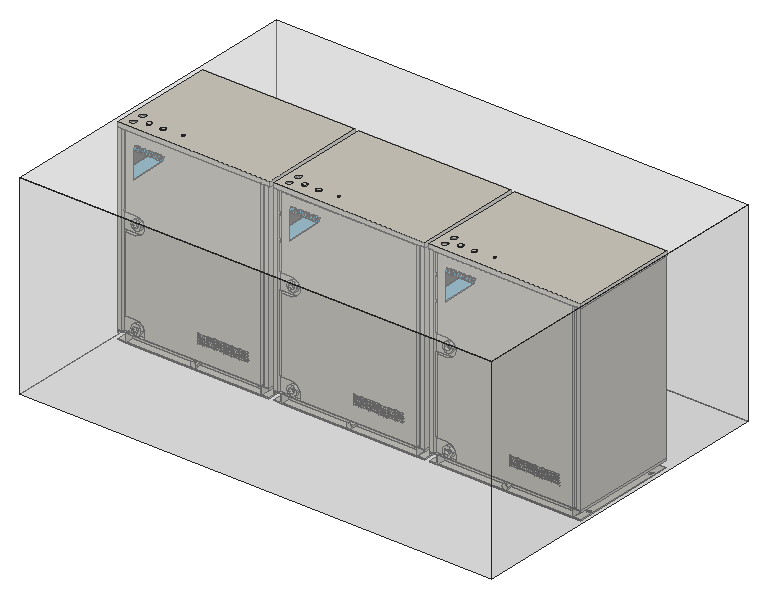
Revit family "outputfile", category 機械設備, Revit 2024
Family settings
  丸型コネクタ寸法 = 半径を使用
  種別 = なし
  パーツ タイプ = 標準
  OmniClass 番号 = 23.75.10.24.21.27.27
  OmniClass タイトル = Split System Air Conditioning Units
  作業面ベース = いいえ
  常に垂直 = はい
  ロード時にボイドで切り取り = いいえ
  注釈の向きを維持 = いいえ
  共有 = いいえ
  部屋計算ポイント = いいえ
Parameters (values of type "RWEYQ32TY14")
  製造元 = "Daikin"
  書き出し IFC クラス(タイプ) = "IfcUnitaryEquipmentType"
  定義済み IFC タイプ(タイプ) = "AIRCONDITIONINGUNIT"
  モデル = "RWEYQ32TY14"
  w_unit3 = 780.0 mm
  w_unit2 = 780.0 mm
  w_unit1 = 780.0 mm
  switch_unit3_6-8 [instance] = if(Reverse_ModuleSequence, if(default_unit1 = 1, 1 = 1, 1 = 0), if(default_unit3 = 1, 1 = 1, 1 = 0))  # no
  switch_unit3_12 [instance] = if(Reverse_ModuleSequence, if(default_unit1 = 3, 1 = 1, 1 = 0), if(default_unit3 = 3, 1 = 1, 1 = 0))  # no
  switch_unit3_10 [instance] = if(Reverse_ModuleSequence, if(default_unit1 = 2, 1 = 1, 1 = 0), if(default_unit3 = 2, 1 = 1, 1 = 0))  # yes
  switch_unit2_6-8 [instance] = if(default_unit2 = 1, 1 = 1, 1 = 0)  # no
  switch_unit2_12 [instance] = if(default_unit2 = 3, 1 = 1, 1 = 0)  # no
  switch_unit2_10 [instance] = if(default_unit2 = 2, 1 = 1, 1 = 0)  # yes
  switch_unit1_6-8 [instance] = if(Reverse_ModuleSequence, if(default_unit3 = 1, 1 = 1, 1 = 0), if(default_unit1 = 1, 1 = 1, 1 = 0))  # no
  switch_unit1_12 [instance] = if(Reverse_ModuleSequence, if(default_unit3 = 3, 1 = 1, 1 = 0), if(default_unit1 = 3, 1 = 1, 1 = 0))  # yes
  switch_unit1_10 [instance] = if(Reverse_ModuleSequence, if(default_unit3 = 2, 1 = 1, 1 = 0), if(default_unit1 = 2, 1 = 1, 1 = 0))  # no
  r_Water Outlet Pipe Connection_unit3 [instance] = Water Outlet Pipe Connection_Unit3 / 2  # 15.9 mm
  r_Water Outlet Pipe Connection_unit2 [instance] = Water Outlet Pipe Connection_Unit2 / 2  # 15.9 mm
  r_Water Outlet Pipe Connection_unit1 [instance] = Water Outlet Pipe Connection_Unit1 / 2  # 15.9 mm
  r_Water Inlet Pipe Connection_unit3 [instance] = Water Inlet Pipe Connection_Unit3 / 2  # 15.9 mm
  r_Water Inlet Pipe Connection_unit2 [instance] = Water Inlet Pipe Connection_Unit2 / 2  # 15.9 mm
  r_Water Inlet Pipe Connection_unit1 [instance] = Water Inlet Pipe Connection_Unit1 / 2  # 15.9 mm
  r_Drain Pipe Size = Drain Pipe Size / 2  # 6.35 mm
  lw_Water Outlet3 = 95.0 mm
  lw_Water Outlet2 = 95.0 mm
  lw_Water Outlet1 = 95.0 mm
  lw_Water Inlet3 = 95.0 mm
  lw_Water Inlet2 = 95.0 mm
  lw_Water Inlet1 = 95.0 mm
  lw_Drain3 = 390.0 mm
  lw_Drain2 = 390.0 mm
  lw_Drain1 = 390.0 mm
  default_Water Outlet Pipe Connection_Unit 3 = 31.8 mm
  default_Water Outlet Pipe Connection_Unit 2 = 31.8 mm
  default_Water Outlet Pipe Connection_Unit 1 = 31.8 mm
  default_Water Inlet Pipe Connection_Unit 3 = 31.8 mm
  default_Water Inlet Pipe Connection_Unit 2 = 31.8 mm
  default_Water Inlet Pipe Connection_Unit 1 = 31.8 mm
  angle_Drain [instance] = if(Rear Connection_Drain, 180.00°, 0.00°)  # 0.00°
  r_Liquid Pipe Size_unit3 [instance] = Liquid Pipe Size_Unit 3 / 2  # 4.75 mm
  r_Liquid Pipe Size_unit2 [instance] = Liquid Pipe Size_Unit 2 / 2  # 4.75 mm
  r_HP/LP Gas Pipe Size_unit3 [instance] = [HP/LP Gas Pipe Size_Unit 3] / 2  # 11.1 mm
  r_HP/LP Gas Pipe Size_unit2 [instance] = [HP/LP Gas Pipe Size_Unit 2] / 2  # 11.1 mm
  r_HP/LP Gas Pipe Size_unit1 [instance] = [HP/LP Gas Pipe Size_Unit 1] / 2  # 11.1 mm
  r_Gas Pipe Size_unit3 [instance] = Gas Pipe Size_Unit 3 / 2  # 11.1 mm
  r_Gas Pipe Size_unit2 [instance] = Gas Pipe Size_Unit 2 / 2  # 11.1 mm
  lw_powersupply3 = 51.0 mm
  lw_powersupply2 = 51.0 mm
  lw_liquidpipe3 = 274.0 mm
  lw_liquidpipe2 = 274.0 mm
  lw_gaspipe3 [instance] = if(Heat Pump, 107.0 mm, 178.0 mm)  # 107.0 mm
  lw_gaspipe2 [instance] = if(Heat Pump, 107.0 mm, 178.0 mm)  # 107.0 mm
  lw_HP/LP Gas Pipe3 [instance] = if(Heat Pump, 178.0 mm, 107.0 mm)  # 178.0 mm
  lw_HP/LP Gas Pipe2 [instance] = if(Heat Pump, 178.0 mm, 107.0 mm)  # 178.0 mm
  lw_HP/LP Gas Pipe1 [instance] = if(Heat Pump, 178.0 mm, 107.0 mm)  # 178.0 mm
  ld_HP/LP Gas Pipe = 69.0 mm
  h_mountinghole = [h_***] + 2.3 mm  # 2.3 mm
  r_Liquid Pipe Size_unit1 [instance] = Liquid Pipe Size_Unit 1 / 2  # 6.35 mm
  r_Gas Pipe Size_unit1 [instance] = Gas Pipe Size_Unit 1 / 2  # 11.1 mm
  distance_unit2-3 [instance] = 20.0 mm
  distance_unit1-2 [instance] = 20.0 mm
  default_unit3 = 2
  default_unit2 = 2
  default_unit1 = 3
  default_Model_Unit 3 = "RWEYQ10TY14"
  default_Model_Unit 2 = "RWEYQ10TY14"
  default_Model_Unit 1 = "RWEYQ12TY14"
  default_Liquid Pipe Size_Unit 3 = 9.5 mm
  default_Liquid Pipe Size_Unit 2 = 9.5 mm
  default_Liquid Pipe Size_Unit 1 = 12.7 mm
  default_HP/LP Gas Pipe Size_Unit 3 [instance] = if(and(Heat Pump, [switch_unit3_6-8]), 19.1 mm, if(and(Heat Pump, switch_unit3_10), 22.2 mm, if(and(Heat Pump, switch_unit3_12), 22.2 mm, if(and(Heat Recovery, [switch_unit3_6-8]), 15.9 mm, if(and(Heat Recovery, switch_unit3_10), 19.1 mm, if(and(Heat Recovery, switch_unit3_12), 19.1 mm, 19.1 mm))))))  # 22.2 mm
  default_HP/LP Gas Pipe Size_Unit 2 [instance] = if(and(Heat Pump, [switch_unit2_6-8]), 19.1 mm, if(and(Heat Pump, switch_unit2_10), 22.2 mm, if(and(Heat Pump, switch_unit2_12), 22.2 mm, if(and(Heat Recovery, [switch_unit2_6-8]), 15.9 mm, if(and(Heat Recovery, switch_unit2_10), 19.1 mm, if(and(Heat Recovery, switch_unit2_12), 19.1 mm, 19.1 mm))))))  # 22.2 mm
  default_HP/LP Gas Pipe Size_Unit 1 [instance] = if(and(Heat Pump, [switch_unit1_6-8]), 19.1 mm, if(and(Heat Pump, switch_unit1_10), 22.2 mm, if(and(Heat Pump, switch_unit1_12), 22.2 mm, if(and(Heat Recovery, [switch_unit1_6-8]), 15.9 mm, if(and(Heat Recovery, switch_unit1_10), 19.1 mm, if(and(Heat Recovery, switch_unit1_12), 19.1 mm, 19.1 mm))))))  # 22.2 mm
  default_Gas Pipe Size_Unit 3 = 22.2 mm
  default_Gas Pipe Size_Unit 2 = 22.2 mm
  default_Gas Pipe Size_Unit 1 = 22.2 mm
  Water Outlet Pipe Connection_Unit3 [instance] = if(Reverse_ModuleSequence, default_Water Outlet Pipe Connection_Unit 1, default_Water Outlet Pipe Connection_Unit 3)  # 31.8 mm
  Water Outlet Pipe Connection_Unit2 [instance] = if(Reverse_ModuleSequence, default_Water Inlet Pipe Connection_Unit 2, default_Water Inlet Pipe Connection_Unit 2)  # 31.8 mm
  Water Outlet Pipe Connection_Unit1 [instance] = if(Reverse_ModuleSequence, default_Water Outlet Pipe Connection_Unit 3, default_Water Outlet Pipe Connection_Unit 1)  # 31.8 mm
  Water Inlet Pipe Connection_Unit3 [instance] = if(Reverse_ModuleSequence, default_Water Inlet Pipe Connection_Unit 1, default_Water Inlet Pipe Connection_Unit 3)  # 31.8 mm
  Water Inlet Pipe Connection_Unit2 [instance] = if(Reverse_ModuleSequence, default_Water Outlet Pipe Connection_Unit 2, default_Water Outlet Pipe Connection_Unit 2)  # 31.8 mm
  Water Inlet Pipe Connection_Unit1 [instance] = if(Reverse_ModuleSequence, default_Water Inlet Pipe Connection_Unit 3, default_Water Inlet Pipe Connection_Unit 1)  # 31.8 mm
  Voltage_comment_50Hz = "380-415"
  Voltage_50Hz = 400 V
  Top Connection_powersupply2 [instance] = not(Top Connection_powersupply1)  # no
  Sound Power Level (dB) = 77
  Reverse_ModuleSequence [instance] = no
  Rear Connection_Drain [instance] = not(Front Connection_Drain)  # no
  Power Input (Heating) = 19.100 kW
  Phase_50Hz = 3
  Nominal Heating Capacity = 101.000 kW
  Model_Unit 3 [instance] = if(Reverse_ModuleSequence, default_Model_Unit 1, default_Model_Unit 3)  # "RWEYQ10TY14"
  Model_Unit 2 [instance] = if(Reverse_ModuleSequence, default_Model_Unit 2, default_Model_Unit 2)  # "RWEYQ10TY14"
  Model_Unit 1 [instance] = if(Reverse_ModuleSequence, default_Model_Unit 3, default_Model_Unit 1)  # "RWEYQ12TY14"
  Minimum Circuit Amps_50Hz = 40.9 A
  Maximum Fuse Amps_50Hz = 45.0 A
  Material_Heat Exchanger = DAIKIN_Blue_HE_outdoorunit
  Material_Casing = DAIKIN_IvoryWhite_Casing_outdoorunit
  lw_powersupply1 = 51.0 mm
  lw_liquidpipe1 = 274.0 mm
  lw_gaspipe1 [instance] = if(Heat Pump, 107.0 mm, 178.0 mm)  # 107.0 mm
  lh_powersupply = 940.0 mm
  ld_powersupply [instance] = if(Top Connection_powersupply1, 38.0 mm, 98.0 mm)  # 38.0 mm
  ld_liquidpipe = 79.0 mm
  ld_gaspipe = 69.0 mm
  h_*** = 0.0 mm
  Width [instance] = [distance_unit1-2] + [distance_unit2-3] + w_unit1 + w_unit2 + w_unit3  # 2380.0 mm
  Version = "ver.1.0"
  Unit Type = ""
  Unit Mass Weight = 441.00 kg
  Unit Designation [instance] = ""
  Uniclass2015Version = "Products v1.30"
  Uniclass2015Title = "Variable refrigerant flow units"
  Uniclass2015Code = "Pr_70_65_03_94"
  Total Cooling Capacity [instance] = 0.000 kW
  Sound Pressure Level (dBA) = 57
  Series = "VRV Heat Recovery"
  Refrigerant_Base Charge = 12.600 kg
  Refrigerant_Additional Charge [instance] = 0.000 kg
  Refrigerant Type = "R410A"
  Power Input (Cooling) = 18.200 kW
  Option Accessory 3 [instance] = ""
  Option Accessory 2 [instance] = ""
  Option Accessory 1 [instance] = ""
  Nominal Cooling Capacity = 89.500 kW
  Load Classification = HVAC
  Liquid Pipe Size_Unit 3 [instance] = if(Reverse_ModuleSequence, default_Liquid Pipe Size_Unit 1, default_Liquid Pipe Size_Unit 3)  # 9.5 mm
  Liquid Pipe Size_Unit 2 [instance] = if(Reverse_ModuleSequence, default_Liquid Pipe Size_Unit 2, default_Liquid Pipe Size_Unit 2)  # 9.5 mm
  Liquid Pipe Size_Unit 1 [instance] = if(Reverse_ModuleSequence, default_Liquid Pipe Size_Unit 3, default_Liquid Pipe Size_Unit 1)  # 12.7 mm
  Link_Nested Family [instance] = ""
  Intermediate Liquid Pipe Size_Unit1-2 = 15.9 mm
  Intermediate HP/LP Gas Pipe Size_Unit1-2 = 22.2 mm
  Intermediate Gas Pipe Size_Unit1-2 = 28.6 mm
  IfcVersion = ""
  IfcExportType = "AIRCONDITIONINGUNIT"
  IfcExportAs = "IfcUnitaryEquipmentType"
  Height = 1000.0 mm
  Heat Recovery [instance] = not(Heat Pump)  # no
  Heat Pump [instance] = yes
  Heat Exchanger Type = "Stainless Steel Plate"
  HP/LP Gas Pipe Size_Unit 3 [instance] = [default_HP/LP Gas Pipe Size_Unit 3]  # 22.2 mm
  HP/LP Gas Pipe Size_Unit 2 [instance] = [default_HP/LP Gas Pipe Size_Unit 2]  # 22.2 mm
  HP/LP Gas Pipe Size_Unit 1 [instance] = [default_HP/LP Gas Pipe Size_Unit 1]  # 22.2 mm
  Gas Pipe Size_Unit 3 [instance] = if(Reverse_ModuleSequence, default_Gas Pipe Size_Unit 1, default_Gas Pipe Size_Unit 3)  # 22.2 mm
  Gas Pipe Size_Unit 2 [instance] = if(Reverse_ModuleSequence, default_Gas Pipe Size_Unit 2, default_Gas Pipe Size_Unit 2)  # 22.2 mm
  Gas Pipe Size_Unit 1 [instance] = if(Reverse_ModuleSequence, default_Gas Pipe Size_Unit 3, default_Gas Pipe Size_Unit 1)  # 22.2 mm
  Top Connection_powersupply1 [instance] = yes
  Front Connection_Drain [instance] = yes
  Frequency_50Hz = 50 Hz
  Drain Pipe Size = 12.7 mm
  Depth = 550.0 mm
  既定の高さ = 0.0 mm
  Cooling Ambient Wet Bulb Temperature [instance] = 0.00 °C
  Cooling Ambient Dry Bulb Temperature [instance] = 0.00 °C
  Compressor Type = "Hermetically Sealed Scroll Type"
  Clearance visibility [instance] = yes
  Clearance Top = 0.0 mm
  Clearance Right = 20.0 mm
  Clearance Rear = 500.0 mm
  Clearance Left = 20.0 mm
  Clearance Front = 600.0 mm
  Clearance Bottom = 0.0 mm
  CU Tag No. [instance] = ""
Reference planes
  plane 1 "Center (Front/Back)": y = 0
  plane 2 "h_***": z = 0
  plane 3 "Center (Left/Right)": x = 0
  plane 4 "Back": y = 275
  plane 5 "Front": y = -275
  plane 6 "Left": x = -390
  plane 7 "w_unit1": x = 390
  plane 8 "Top": z = 1000
  plane 9 "Clearance Rear": y = 775
  plane 10 "Clearance Front": y = -875
  plane 11 "Clearance Left": x = -410
  plane 12 "Clearance Right": x = 2010
  plane 13 "Clearance Top": z = 1000
  plane 14 "Clearance Bottom": z = 0
  plane 15 "Bottom": z = 0
  plane 16 "lw_powersupply1": x = -339
  plane 17 "ld_powersupply": y = -237
  plane 18 "lw_liquidpipe1": x = -116
  plane 19 "Rear Connection_refrigetant": y = -196
  plane 20 "lw_gaspipe1": x = -283
  plane 21 "ld_gaspipe": y = -206
  plane 22 "lh_logo": z = 900
  plane 23 "lw_logo": x = 100
  plane 24 "lh_powersupply": z = 940
  plane 25 "lw_HP/LP Gas Pipe1": x = -212
  plane 26 "ld_HP/LP Gas Pipe": y = -206
  plane 27 "l_unit2": x = 410
  plane 28 "w_unit2": x = 1190
  plane 29 "lw_powersupply2": x = 461
  plane 30 "lw_liquidpipe2": x = 684
  plane 31 "lw_gaspipe2": x = 517
  plane 32 "lw_HP/LP Gas Pipe2": x = 588
  plane 33 "Right": x = 1990
  plane 34 "叴": x = 1210
  plane 35 "叵": x = 1261
  plane 36 "叶": x = 1484
  plane 37 "号": x = 1317
  plane 38 "司": x = 1388
  plane 39 "lw_Water Inlet2": x = 505
  plane 40 "lw_Water Inlet3": x = 1305
  plane 41 "lw_Water Outlet1": x = -295
  plane 42 "lw_Water Outlet2": x = 505
  plane 43 "lw_Water Outlet3": x = 1305
  plane 44 "lw_Drain1": x = 0
  plane 45 "lw_Drain2": x = 800
  plane 46 "lw_Drain3": x = 1600
  plane 47 "lw_Water Inlet1": x = -295
Dimensions and locks
  equal spacing: plane 4 "Back", plane 1 "Center (Front/Back)", plane 5 "Front"
  "Depth": plane 4 "Back" to plane 5 "Front"
  equal spacing: plane 6 "Left", plane 3 "Center (Left/Right)", plane 7 "w_unit1"
  "w_unit1": plane 6 "Left" to plane 7 "w_unit1"
  "Clearance Rear": plane 9 "Clearance Rear" to plane 4 "Back"
  "Clearance Front": plane 10 "Clearance Front" to plane 5 "Front"
  "Clearance Left": plane 11 "Clearance Left" to plane 6 "Left"
  "Clearance Top": plane 13 "Clearance Top" to plane 8 "Top"
  "h_***": plane 15 "Bottom" to plane 2 "h_***"
  "Height": plane 8 "Top" to plane 15 "Bottom"
  "Clearance Bottom": plane 15 "Bottom" to plane 14 "Clearance Bottom"
  "ld_powersupply": plane 17 "ld_powersupply" to plane 5 "Front"
  "ld_liquidpipe": plane 19 "Rear Connection_refrigetant" to plane 5 "Front"
  "ld_gaspipe": plane 21 "ld_gaspipe" to plane 5 "Front"
  locked: plane 23 "lw_logo" to plane 7 "w_unit1" at 290
  locked: plane 22 "lh_logo" to plane 15 "Bottom" at 900
  "lw_gaspipe1": plane 6 "Left" to plane 20 "lw_gaspipe1"
  "lw_liquidpipe1": plane 6 "Left" to plane 18 "lw_liquidpipe1"
  "lw_powersupply1": plane 6 "Left" to plane 16 "lw_powersupply1"
  "lh_powersupply": plane 24 "lh_powersupply" to plane 15 "Bottom"
  "lw_HP/LP Gas Pipe1": plane 6 "Left" to plane 25 "lw_HP/LP Gas Pipe1"
  "ld_HP/LP Gas Pipe": plane 26 "ld_HP/LP Gas Pipe" to plane 5 "Front"
  "distance_unit1-2": plane 7 "w_unit1" to plane 27 "l_unit2"
  "lw_powersupply2": plane 27 "l_unit2" to plane 29 "lw_powersupply2"
  "lw_HP/LP Gas Pipe2": plane 27 "l_unit2" to plane 32 "lw_HP/LP Gas Pipe2"
  "lw_gaspipe2": plane 27 "l_unit2" to plane 31 "lw_gaspipe2"
  "lw_liquidpipe2": plane 27 "l_unit2" to plane 30 "lw_liquidpipe2"
  "w_unit2": plane 27 "l_unit2" to plane 28 "w_unit2"
  "distance_unit2-3": plane 28 "w_unit2" to plane 34 "叴"
  "Width": plane 6 "Left" to plane 33 "Right"
  "Clearance Right": plane 33 "Right" to plane 12 "Clearance Right"
  "lw_powersupply3": plane 34 "叴" to plane 35 "叵"
  "lw_HP/LP Gas Pipe3": plane 34 "叴" to plane 38 "司"
  "lw_gaspipe3": plane 34 "叴" to plane 37 "号"
  "lw_liquidpipe3": plane 34 "叴" to plane 36 "叶"
  "lw_Water Inlet1": plane 6 "Left" to plane 47 "lw_Water Inlet1"
  "lw_Water Inlet2": plane 27 "l_unit2" to plane 39 "lw_Water Inlet2"
  "lw_Water Inlet3": plane 34 "叴" to plane 40 "lw_Water Inlet3"
  "lw_Water Outlet1": plane 6 "Left" to plane 41 "lw_Water Outlet1"
  "lw_Water Outlet2": plane 27 "l_unit2" to plane 42 "lw_Water Outlet2"
  "lw_Water Outlet3": plane 34 "叴" to plane 43 "lw_Water Outlet3"
  "lw_Drain1": plane 6 "Left" to plane 44 "lw_Drain1"
  "lw_Drain2": plane 27 "l_unit2" to plane 45 "lw_Drain2"
  "lw_Drain3": plane 34 "叴" to plane 46 "lw_Drain3"
  aligned and locked: level to plane 2 "h_***"
  aligned and locked: nested 2 to plane 9 "Clearance Rear"
  aligned and locked: nested 2 to plane 10 "Clearance Front"
  aligned and locked: plane 11 "Clearance Left" to nested 2
  aligned and locked: plane 12 "Clearance Right" to nested 2
  aligned and locked: nested 2 to plane 13 "Clearance Top"
  aligned and locked: nested 2 to plane 14 "Clearance Bottom"
  aligned and locked: plane 8 "Top" to nested 1
  aligned and locked: plane 22 "lh_logo" to nested 7
  aligned and locked: nested 8 to plane 16 "lw_powersupply1"
  aligned and locked: nested 9 to plane 20 "lw_gaspipe1"
  aligned and locked: nested 10 to plane 18 "lw_liquidpipe1"
  aligned and locked: nested 10 to plane 19 "Rear Connection_refrigetant"
  aligned and locked: nested 9 to plane 21 "ld_gaspipe"
  aligned and locked: nested 8 to plane 17 "ld_powersupply"
  aligned and locked: plane 5 "Front" to nested 7
  aligned and locked: plane 24 "lh_powersupply" to nested 8
  aligned and locked: plane 27 "l_unit2" to nested 11
  aligned and locked: nested 17 to plane 29 "lw_powersupply2"
  aligned and locked: nested 17 to plane 17 "ld_powersupply"
  aligned and locked: nested 18 to plane 31 "lw_gaspipe2"
  aligned and locked: nested 18 to plane 26 "ld_HP/LP Gas Pipe"
  aligned and locked: plane 1 "Center (Front/Back)" to nested 20
  aligned and locked: plane 34 "叴" to nested 20
  aligned and locked: nested 27 to plane 35 "叵"
  aligned and locked: nested 28 to plane 37 "号"
  aligned and locked: nested 26 to plane 36 "叶"
  aligned and locked: plane 17 "ld_powersupply" to nested 27
  aligned and locked: plane 21 "ld_gaspipe" to nested 28
  aligned and locked: plane 19 "Rear Connection_refrigetant" to nested 26
  aligned and locked: nested 27 to plane 24 "lh_powersupply"
  aligned and locked: plane 1 "Center (Front/Back)" to nested 29
  aligned and locked: plane 1 "Center (Front/Back)" to nested 30
  aligned and locked: plane 1 "Center (Front/Back)" to nested 31
  aligned and locked: plane 1 "Center (Front/Back)" to nested 32
  aligned and locked: plane 1 "Center (Front/Back)" to nested 33
  aligned and locked: plane 1 "Center (Front/Back)" to nested 34
  aligned and locked: plane 1 "Center (Front/Back)" to nested 35
  aligned and locked: plane 1 "Center (Front/Back)" to nested 36
  aligned and locked: plane 1 "Center (Front/Back)" to nested 37
  aligned and locked: plane 47 "lw_Water Inlet1" to nested 29
  aligned and locked: plane 39 "lw_Water Inlet2" to nested 30
  aligned and locked: plane 40 "lw_Water Inlet3" to nested 31
  aligned and locked: plane 41 "lw_Water Outlet1" to nested 32
  aligned and locked: plane 42 "lw_Water Outlet2" to nested 33
  aligned and locked: plane 43 "lw_Water Outlet3" to nested 34
  aligned and locked: plane 44 "lw_Drain1" to nested 35
  aligned and locked: plane 45 "lw_Drain2" to nested 36
  aligned and locked: plane 46 "lw_Drain3" to nested 37
  aligned and locked: plane 25 "lw_HP/LP Gas Pipe1" to nested 38
  aligned and locked: plane 32 "lw_HP/LP Gas Pipe2" to nested 39
  aligned and locked: plane 38 "司" to nested 40
  aligned and locked: nested 38 to plane 26 "ld_HP/LP Gas Pipe"
  aligned and locked: nested 39 to plane 26 "ld_HP/LP Gas Pipe"
  aligned and locked: plane 26 "ld_HP/LP Gas Pipe" to nested 40
Nested families
  nested 1: "DAIKIN_outdoorunit_RWEYQ-TY14" at (-31, 0, 0), h_*** <- "h_***", Link_Nest <- "Link_Nested Family", h_mountinghole <- "h_mountinghole", Width <- "w_unit1", switch_unit1_6-8 <- "switch_unit1_6-8", switch_unit1_10 <- "switch_unit1_10", switch_unit1_12 <- "switch_unit1_12", type "RWEYQ-TY14"
    with switch_unit1_6-8 no, switch_unit1_12 yes, switch_unit1_10 no, show_fixedhole yes, h_mountinghole 2.3 mm, h_antenna_mountinghole 998.7 mm, h_*** 0.0 mm, array_bolt 5, Width 780.0 mm, Liquid Pipe Size_Unit 1 12.7 mm, Link_Nest "", HP/LP Pipe Size_Unit 1 22.2 mm, Gas Pipe Size_Unit 1 22.2 mm
  nested 2: "daikin_clearancespace" at (800, -50, 500.119), visible <- "Clearance visibility", show <- "Clearance visibility", Link_Nested Family <- "Link_Nested Family", type "daikin_clearancespace"
    with width 2420.0 mm, show yes, height 1000.0 mm, depth 1650.0 mm, Link_Nested Family ""
  nested 3: "daikin_mountinghole" at (-372, 200, 0), type "daikin_mountinghole"
    with show yes, l_antenna 998.7 mm, h_mountinghole 2.3 mm, Link_Nested Family ""
  nested 4: "daikin_mountinghole" at (372, 200, 0), type "daikin_mountinghole"
    with show yes, l_antenna 998.7 mm, h_mountinghole 2.3 mm, Link_Nested Family ""
  nested 5: "daikin_mountinghole" at (-372, -200, 0), type "daikin_mountinghole"
    with show yes, l_antenna 998.7 mm, h_mountinghole 2.3 mm, Link_Nested Family ""
  nested 6: "daikin_mountinghole" at (372, -200, 0), type "daikin_mountinghole"
    with show yes, l_antenna 998.7 mm, h_mountinghole 2.3 mm, Link_Nested Family ""
  nested 7: "daikin_logo_elevation_w150" at (-212.5, -275, 744.568), type "daikin_logo_elevation_w150"
    with show_logo yes
  nested 8: "daikin_connector_rotate3" at (-339, -237, 940) x (-1, 0, 0) z (0, 0, -1), type "daikin_connector_rotate3"
    with show no, radius 10.0 mm, length 60.0 mm, angle_vertical 0.00°, angle_horizontal 0.00°
  nested 9: "daikin_connector_rotate3" at (-283, -206, 940) x (-1, 0, 0) z (0, 0, -1), radius <- "r_Gas Pipe Size_unit1", type "daikin_connector_rotate3"
    with show no, radius 11.1 mm, length 60.0 mm, angle_vertical 0.00°, angle_horizontal 0.00°
  nested 10: "daikin_connector_rotate3" at (-116, -196, 940) x (-1, 0, 0) z (0, 0, -1), radius <- "r_Liquid Pipe Size_unit1", type "daikin_connector_rotate3"
    with show no, radius 6.35 mm, length 60.0 mm, angle_vertical 0.00°, angle_horizontal 0.00°
  nested 11: "DAIKIN_outdoorunit_RWEYQ-TY14" at (769, 0, 0), Width <- "w_unit2", switch_unit1_6-8 <- "switch_unit2_6-8", switch_unit1_10 <- "switch_unit2_10", switch_unit1_12 <- "switch_unit2_12", type "RWEYQ-TY14"
    with switch_unit1_6-8 no, switch_unit1_12 no, switch_unit1_10 yes, show_fixedhole yes, h_mountinghole 2.3 mm, h_antenna_mountinghole 998.7 mm, h_*** 0.0 mm, array_bolt 5, Width 780.0 mm, Liquid Pipe Size_Unit 1 9.5 mm, Link_Nest "", HP/LP Pipe Size_Unit 1 22.2 mm, Gas Pipe Size_Unit 1 22.2 mm
  nested 12: "daikin_mountinghole" at (428, 200, 0), type "daikin_mountinghole"
    with show yes, l_antenna 998.7 mm, h_mountinghole 2.3 mm, Link_Nested Family ""
  nested 13: "daikin_mountinghole" at (1172, 200, 0), type "daikin_mountinghole"
    with show yes, l_antenna 998.7 mm, h_mountinghole 2.3 mm, Link_Nested Family ""
  nested 14: "daikin_mountinghole" at (428, -200, 0), type "daikin_mountinghole"
    with show yes, l_antenna 998.7 mm, h_mountinghole 2.3 mm, Link_Nested Family ""
  nested 15: "daikin_mountinghole" at (1172, -200, 0), type "daikin_mountinghole"
    with show yes, l_antenna 998.7 mm, h_mountinghole 2.3 mm, Link_Nested Family ""
  nested 16: "daikin_connector_rotate3" at (684, -196, 940) x (-1, 0, 0) z (0, 0, -1), radius <- "r_Liquid Pipe Size_unit2", type "daikin_connector_rotate3"
    with show no, radius 4.75 mm, length 60.0 mm, angle_vertical 0.00°, angle_horizontal 0.00°
  nested 17: "daikin_connector_rotate3" at (461, -237, 940) x (-1, 0, 0) z (0, 0, -1), type "daikin_connector_rotate3"
    with show no, radius 10.0 mm, length 60.0 mm, angle_vertical 0.00°, angle_horizontal 0.00°
  nested 18: "daikin_connector_rotate3" at (517, -206, 940) x (-1, 0, 0) z (0, 0, -1), radius <- "r_Gas Pipe Size_unit2", type "daikin_connector_rotate3"
    with show no, radius 11.1 mm, length 60.0 mm, angle_vertical 0.00°, angle_horizontal 0.00°
  nested 19: "daikin_logo_elevation_w150" at (587.5, -275, 744.568), type "daikin_logo_elevation_w150"
    with show_logo yes
  nested 20: "DAIKIN_outdoorunit_RWEYQ-TY14" at (1569, 0, 0), switch_unit1_6-8 <- "switch_unit3_6-8", switch_unit1_10 <- "switch_unit3_10", switch_unit1_12 <- "switch_unit3_12", Width <- "w_unit3", type "RWEYQ-TY14"
    with switch_unit1_6-8 no, switch_unit1_12 no, switch_unit1_10 yes, show_fixedhole yes, h_mountinghole 2.3 mm, h_antenna_mountinghole 998.7 mm, h_*** 0.0 mm, array_bolt 5, Width 780.0 mm, Liquid Pipe Size_Unit 1 9.5 mm, Link_Nest "", HP/LP Pipe Size_Unit 1 22.2 mm, Gas Pipe Size_Unit 1 22.2 mm
  nested 21: "daikin_mountinghole" at (1228, 200, 0), type "daikin_mountinghole"
    with show yes, l_antenna 998.7 mm, h_mountinghole 2.3 mm, Link_Nested Family ""
  nested 22: "daikin_mountinghole" at (1972, 200, 0), type "daikin_mountinghole"
    with show yes, l_antenna 998.7 mm, h_mountinghole 2.3 mm, Link_Nested Family ""
  nested 23: "daikin_mountinghole" at (1228, -200, 0), type "daikin_mountinghole"
    with show yes, l_antenna 998.7 mm, h_mountinghole 2.3 mm, Link_Nested Family ""
  nested 24: "daikin_mountinghole" at (1972, -200, 0), type "daikin_mountinghole"
    with show yes, l_antenna 998.7 mm, h_mountinghole 2.3 mm, Link_Nested Family ""
  nested 25: "daikin_logo_elevation_w150" at (1387.5, -275, 744.568), type "daikin_logo_elevation_w150"
    with show_logo yes
  nested 26: "daikin_connector_rotate3" at (1484, -196, 940) x (-1, 0, 0) z (0, 0, -1), radius <- "r_Liquid Pipe Size_unit3", type "daikin_connector_rotate3"
    with show no, radius 4.75 mm, length 60.0 mm, angle_vertical 0.00°, angle_horizontal 0.00°
  nested 27: "daikin_connector_rotate3" at (1261, -237, 940) x (-1, 0, 0) z (0, 0, -1), type "daikin_connector_rotate3"
    with show no, radius 10.0 mm, length 60.0 mm, angle_vertical 0.00°, angle_horizontal 0.00°
  nested 28: "daikin_connector_rotate3" at (1317, -206, 940) x (-1, 0, 0) z (0, 0, -1), radius <- "r_Gas Pipe Size_unit3", type "daikin_connector_rotate3"
    with show no, radius 11.1 mm, length 60.0 mm, angle_vertical 0.00°, angle_horizontal 0.00°
  nested 29: "daikin_connector_rotate3" at (-295, 0, 76), radius <- "r_Water Inlet Pipe Connection_unit1", type "daikin_connector_rotate3"
    with show no, radius 15.9 mm, length 275.0 mm, angle_vertical 90.00°, angle_horizontal 0.00°
  nested 30: "daikin_connector_rotate3" at (505, 0, 76), radius <- "r_Water Inlet Pipe Connection_unit2", type "daikin_connector_rotate3"
    with show no, radius 15.9 mm, length 275.0 mm, angle_vertical 90.00°, angle_horizontal 0.00°
  nested 31: "daikin_connector_rotate3" at (1305, 0, 76), radius <- "r_Water Inlet Pipe Connection_unit3", type "daikin_connector_rotate3"
    with show no, radius 15.9 mm, length 275.0 mm, angle_vertical 90.00°, angle_horizontal 0.00°
  nested 32: "daikin_connector_rotate3" at (-295, 0, 556), radius <- "r_Water Outlet Pipe Connection_unit1", type "daikin_connector_rotate3"
    with show no, radius 15.9 mm, length 275.0 mm, angle_vertical 90.00°, angle_horizontal 0.00°
  nested 33: "daikin_connector_rotate3" at (505, 0, 556), radius <- "r_Water Outlet Pipe Connection_unit2", type "daikin_connector_rotate3"
    with show no, radius 15.9 mm, length 275.0 mm, angle_vertical 90.00°, angle_horizontal 0.00°
  nested 34: "daikin_connector_rotate3" at (1305, 0, 556), radius <- "r_Water Outlet Pipe Connection_unit3", type "daikin_connector_rotate3"
    with show no, radius 15.9 mm, length 275.0 mm, angle_vertical 90.00°, angle_horizontal 0.00°
  nested 35: "daikin_connector_rotate3" at (0, 0, 19), radius <- "r_Drain Pipe Size", angle_horizontal <- "angle_Drain", type "daikin_connector_rotate3"
    with show no, radius 6.35 mm, length 275.0 mm, angle_vertical 90.00°, angle_horizontal 0.00°
  nested 36: "daikin_connector_rotate3" at (800, 0, 19), angle_horizontal <- "angle_Drain", radius <- "r_Drain Pipe Size", type "daikin_connector_rotate3"
    with show no, radius 6.35 mm, length 275.0 mm, angle_vertical 90.00°, angle_horizontal 0.00°
  nested 37: "daikin_connector_rotate3" at (1600, 0, 19), angle_horizontal <- "angle_Drain", radius <- "r_Drain Pipe Size", type "daikin_connector_rotate3"
    with show no, radius 6.35 mm, length 275.0 mm, angle_vertical 90.00°, angle_horizontal 0.00°
  nested 38: "daikin_connector_rotate3" at (-212, -206, 940) x (1, 0, 0) z (0, 0, -1), radius <- "r_HP/LP Gas Pipe Size_unit1", type "daikin_connector_rotate3"
    with show no, radius 11.1 mm, length 60.0 mm, angle_vertical 0.00°, angle_horizontal 0.00°
  nested 39: "daikin_connector_rotate3" at (588, -206, 940) x (1, 0, 0) z (0, 0, -1), radius <- "r_HP/LP Gas Pipe Size_unit2", type "daikin_connector_rotate3"
    with show no, radius 11.1 mm, length 60.0 mm, angle_vertical 0.00°, angle_horizontal 0.00°
  nested 40: "daikin_connector_rotate3" at (1388, -206, 940) x (1, 0, 0) z (0, 0, -1), radius <- "r_HP/LP Gas Pipe Size_unit3", type "daikin_connector_rotate3"
    with show no, radius 11.1 mm, length 60.0 mm, angle_vertical 0.00°, angle_horizontal 0.00°
Connectors
  piping at (-116, -196, 1000), diameter 12.7, driven by "r_Liquid Pipe Size_unit1"
    settings: on nested 10, index 12, connector inside diameter 609.6 mm, connector length 0.0 mm, flow factor 0, pipe flow 0.00 m³/h, pressure drop 0.0 Pa, fitting loss kfactor 0, connector angle 0.00°, fixture units 0, engagement length 0.0 mm, angle of deflection 0.00°, flow configuration 0, flow direction 2, fitting loss method 0, system type 29, joint type 0, gender type 0, connector reference index -1, connector utility 0, adjustable connector no, is connector primary no, connector description "Refrigerant Liquid Piping1"
  electrical at (-339, -237, 1000), driven by "Load Classification"
    settings: on nested 8, index 13, voltage 0 V, apparent load 0 VA, apparent load phase1 0 VA, apparent load phase2 0 VA, apparent load phase3 0 VA, power factor 1, load classification "HVAC", number of poles 1, system type 30, power factor state 1, is connector primary yes, connector utility no, sub classification motor no, connector description "Power Supply1"
  piping at (684, -196, 1000), diameter 9.5, driven by "r_Liquid Pipe Size_unit2"
    settings: on nested 16, index 15, connector inside diameter 609.6 mm, connector length 0.0 mm, flow factor 0, pipe flow 0.00 m³/h, pressure drop 0.0 Pa, fitting loss kfactor 0, connector angle 0.00°, fixture units 0, engagement length 0.0 mm, angle of deflection 0.00°, flow configuration 0, flow direction 2, fitting loss method 0, system type 29, joint type 0, gender type 0, connector reference index -1, connector utility 0, adjustable connector no, is connector primary no, connector description "Refrigerant Liquid Piping2"
  electrical at (461, -237, 1000), driven by "Load Classification"
    settings: on nested 17, index 17, voltage 0 V, apparent load 0 VA, apparent load phase1 0 VA, apparent load phase2 0 VA, apparent load phase3 0 VA, power factor 1, load classification "HVAC", number of poles 1, system type 30, power factor state 1, is connector primary no, connector utility no, sub classification motor no, connector description "Power Supply2"
  piping at (1484, -196, 1000), diameter 9.5, driven by "r_Liquid Pipe Size_unit3"
    settings: on nested 26, index 19, connector inside diameter 609.6 mm, connector length 0.0 mm, flow factor 0, pipe flow 0.00 m³/h, pressure drop 0.0 Pa, fitting loss kfactor 0, connector angle 0.00°, fixture units 0, engagement length 0.0 mm, angle of deflection 0.00°, flow configuration 0, flow direction 2, fitting loss method 0, system type 29, joint type 0, gender type 0, connector reference index -1, connector utility 0, adjustable connector no, is connector primary no, connector description "Refrigerant Liquid Piping3"
  electrical at (1261, -237, 1000), driven by "Load Classification"
    settings: on nested 27, index 21, voltage 0 V, apparent load 0 VA, apparent load phase1 0 VA, apparent load phase2 0 VA, apparent load phase3 0 VA, power factor 1, load classification "HVAC", number of poles 1, system type 30, power factor state 1, is connector primary no, connector utility no, sub classification motor no, connector description "Power Supply3"
  piping at (-295, -275, 556), diameter 31.8, driven by "r_Water Outlet Pipe Connection_unit1"
    settings: on nested 32, index 24, connector inside diameter 609.6 mm, connector length 0.0 mm, flow factor 0, pipe flow 0.00 m³/h, pressure drop 0.0 Pa, fitting loss kfactor 0, connector angle 0.00°, fixture units 0, engagement length 0.0 mm, angle of deflection 0.00°, flow configuration 1, flow direction 2, fitting loss method 0, system type 8, joint type 0, gender type 0, connector reference index -1, connector utility 0, adjustable connector no, is connector primary no, connector description "Cooling Water Outlet Piping 1"
  piping at (-295, -275, 76), diameter 31.8, driven by "r_Water Inlet Pipe Connection_unit1"
    settings: on nested 29, index 25, connector inside diameter 609.6 mm, connector length 0.0 mm, flow factor 0, pipe flow 0.00 m³/h, pressure drop 0.0 Pa, fitting loss kfactor 0, connector angle 0.00°, fixture units 0, engagement length 0.0 mm, angle of deflection 0.00°, flow configuration 1, flow direction 1, fitting loss method 0, system type 7, joint type 0, gender type 0, connector reference index -1, connector utility 0, adjustable connector no, is connector primary no, connector description "Cooling Water Inlet  Piping 1"
  piping at (0, -275, 19), diameter 12.7, driven by "r_Drain Pipe Size"
    settings: on nested 35, index 26, connector inside diameter 609.6 mm, connector length 0.0 mm, flow factor 0, pipe flow 0.00 m³/h, pressure drop 0.0 Pa, fitting loss kfactor 0, connector angle 0.00°, fixture units 0, engagement length 0.0 mm, angle of deflection 0.00°, flow configuration 1, flow direction 2, fitting loss method 4, system type 16, joint type 0, gender type 0, connector reference index -1, connector utility 0, adjustable connector no, is connector primary no, connector description "Condensate Drain Piping 1"
  piping at (505, -275, 556), diameter 31.8, driven by "r_Water Outlet Pipe Connection_unit2"
    settings: on nested 33, index 27, connector inside diameter 609.6 mm, connector length 0.0 mm, flow factor 0, pipe flow 0.00 m³/h, pressure drop 0.0 Pa, fitting loss kfactor 0, connector angle 0.00°, fixture units 0, engagement length 0.0 mm, angle of deflection 0.00°, flow configuration 1, flow direction 2, fitting loss method 0, system type 8, joint type 0, gender type 0, connector reference index -1, connector utility 0, adjustable connector no, is connector primary no, connector description "Cooling Water Outlet Piping 2"
  piping at (505, -275, 76), diameter 31.8, driven by "r_Water Inlet Pipe Connection_unit2"
    settings: on nested 30, index 28, connector inside diameter 609.6 mm, connector length 0.0 mm, flow factor 0, pipe flow 0.00 m³/h, pressure drop 0.0 Pa, fitting loss kfactor 0, connector angle 0.00°, fixture units 0, engagement length 0.0 mm, angle of deflection 0.00°, flow configuration 1, flow direction 1, fitting loss method 0, system type 7, joint type 0, gender type 0, connector reference index -1, connector utility 0, adjustable connector no, is connector primary no, connector description "Cooling Water Inlet  Piping 2"
  piping at (800, -275, 19), diameter 12.7, driven by "r_Drain Pipe Size"
    settings: on nested 36, index 29, connector inside diameter 609.6 mm, connector length 0.0 mm, flow factor 0, pipe flow 0.00 m³/h, pressure drop 0.0 Pa, fitting loss kfactor 0, connector angle 0.00°, fixture units 0, engagement length 0.0 mm, angle of deflection 0.00°, flow configuration 1, flow direction 2, fitting loss method 4, system type 16, joint type 0, gender type 0, connector reference index -1, connector utility 0, adjustable connector no, is connector primary no, connector description "Condensate Drain Piping 2"
  piping at (1305, -275, 556), diameter 31.8, driven by "r_Water Outlet Pipe Connection_unit3"
    settings: on nested 34, index 30, connector inside diameter 609.6 mm, connector length 0.0 mm, flow factor 0, pipe flow 0.00 m³/h, pressure drop 0.0 Pa, fitting loss kfactor 0, connector angle 0.00°, fixture units 0, engagement length 0.0 mm, angle of deflection 0.00°, flow configuration 1, flow direction 2, fitting loss method 0, system type 8, joint type 0, gender type 0, connector reference index -1, connector utility 0, adjustable connector no, is connector primary no, connector description "Cooling Water Outlet Piping 3"
  piping at (1305, -275, 76), diameter 31.8, driven by "r_Water Inlet Pipe Connection_unit3"
    settings: on nested 31, index 31, connector inside diameter 609.6 mm, connector length 0.0 mm, flow factor 0, pipe flow 0.00 m³/h, pressure drop 0.0 Pa, fitting loss kfactor 0, connector angle 0.00°, fixture units 0, engagement length 0.0 mm, angle of deflection 0.00°, flow configuration 1, flow direction 1, fitting loss method 0, system type 7, joint type 0, gender type 0, connector reference index -1, connector utility 0, adjustable connector no, is connector primary no, connector description "Cooling Water Inlet  Piping 3"
  piping at (1600, -275, 19), diameter 12.7, driven by "r_Drain Pipe Size"
    settings: on nested 37, index 32, connector inside diameter 609.6 mm, connector length 0.0 mm, flow factor 0, pipe flow 0.00 m³/h, pressure drop 0.0 Pa, fitting loss kfactor 0, connector angle 0.00°, fixture units 0, engagement length 0.0 mm, angle of deflection 0.00°, flow configuration 1, flow direction 2, fitting loss method 4, system type 16, joint type 0, gender type 0, connector reference index -1, connector utility 0, adjustable connector no, is connector primary no, connector description "Condensate Drain Piping 3"
  piping at (-212, -206, 1000), diameter 22.2, driven by "r_HP/LP Gas Pipe Size_unit1"
    settings: on nested 38, index 36, connector inside diameter 609.6 mm, connector length 0.0 mm, flow factor 0, pipe flow 0.00 m³/h, pressure drop 0.0 Pa, fitting loss kfactor 0, connector angle 0.00°, fixture units 0, engagement length 0.0 mm, angle of deflection 0.00°, flow configuration 0, flow direction 0, fitting loss method 0, system type 29, joint type 0, gender type 0, connector reference index -1, connector utility 0, adjustable connector no, is connector primary no, connector description "Refrigerant HP/LP Gas Piping1"
  piping at (588, -206, 1000), diameter 22.2, driven by "r_HP/LP Gas Pipe Size_unit2"
    settings: on nested 39, index 37, connector inside diameter 609.6 mm, connector length 0.0 mm, flow factor 0, pipe flow 0.00 m³/h, pressure drop 0.0 Pa, fitting loss kfactor 0, connector angle 0.00°, fixture units 0, engagement length 0.0 mm, angle of deflection 0.00°, flow configuration 0, flow direction 0, fitting loss method 0, system type 29, joint type 0, gender type 0, connector reference index -1, connector utility 0, adjustable connector no, is connector primary no, connector description "Refrigerant HP/LP Gas Piping2"
  piping at (1388, -206, 1000), diameter 22.2, driven by "r_HP/LP Gas Pipe Size_unit3"
    settings: on nested 40, index 38, connector inside diameter 609.6 mm, connector length 0.0 mm, flow factor 0, pipe flow 0.00 m³/h, pressure drop 0.0 Pa, fitting loss kfactor 0, connector angle 0.00°, fixture units 0, engagement length 0.0 mm, angle of deflection 0.00°, flow configuration 0, flow direction 0, fitting loss method 0, system type 29, joint type 0, gender type 0, connector reference index -1, connector utility 0, adjustable connector no, is connector primary no, connector description "Refrigerant HP/LP Gas Piping3"
  piping at (-283, -206, 1000), diameter 22.2, driven by "r_Gas Pipe Size_unit1"
    settings: on nested 9, index 39, connector inside diameter 609.6 mm, connector length 0.0 mm, flow factor 0, pipe flow 0.00 m³/h, pressure drop 0.0 Pa, fitting loss kfactor 0, connector angle 0.00°, fixture units 0, engagement length 0.0 mm, angle of deflection 0.00°, flow configuration 0, flow direction 1, fitting loss method 0, system type 29, joint type 0, gender type 0, connector reference index -1, connector utility 0, adjustable connector no, is connector primary yes, connector description "Refrigerant Gas Piping1"
  piping at (517, -206, 1000), diameter 22.2, driven by "r_Gas Pipe Size_unit2"
    settings: on nested 18, index 40, connector inside diameter 609.6 mm, connector length 0.0 mm, flow factor 0, pipe flow 0.00 m³/h, pressure drop 0.0 Pa, fitting loss kfactor 0, connector angle 0.00°, fixture units 0, engagement length 0.0 mm, angle of deflection 0.00°, flow configuration 0, flow direction 1, fitting loss method 0, system type 29, joint type 0, gender type 0, connector reference index -1, connector utility 0, adjustable connector no, is connector primary no, connector description "Refrigerant Gas Piping2"
  piping at (1317, -206, 1000), diameter 22.2, driven by "r_Gas Pipe Size_unit3"
    settings: on nested 28, index 41, connector inside diameter 609.6 mm, connector length 0.0 mm, flow factor 0, pipe flow 0.00 m³/h, pressure drop 0.0 Pa, fitting loss kfactor 0, connector angle 0.00°, fixture units 0, engagement length 0.0 mm, angle of deflection 0.00°, flow configuration 0, flow direction 1, fitting loss method 0, system type 29, joint type 0, gender type 0, connector reference index -1, connector utility 0, adjustable connector no, is connector primary no, connector description "Refrigerant Gas Piping3"
Definition of nested family "DAIKIN_outdoorunit_RWEYQ-TY14"
  Parameters (values of type "RWEYQ-TY14")
    w_wiremesh_right = 668.0 mm  # constant formula
    w_wiremesh_left = 590.0 mm  # constant formula
    w_wiremesh_front = 248.0 mm  # constant formula
    switch_unit1_6-8 [instance] = no
    switch_unit1_12 [instance] = yes
    switch_unit1_10 [instance] = no
    show_fixedhole [instance] = yes
    material_heatexchanger = none
    material_casing = none
    ld_hole1_bottom = 154.0 mm  # constant formula
    h_wiremesh = 900.0 mm  # constant formula
    h_mountinghole [instance] = 2.3 mm
    h_antenna_mountinghole [instance] = Height + 1.0 mm - 2.3 mm  # 998.7 mm
    h_*** [instance] = 0.0 mm
    array_bolt [instance] = 5
    Width [instance] = 780.0 mm
    Liquid Pipe Size_Unit 1 [instance] = if([switch_unit1_6-8], 9.5 mm, if(switch_unit1_10, 9.5 mm, if(switch_unit1_12, 12.7 mm, 9.5 mm)))  # 12.7 mm
    Link_Nest [instance] = ""
    Height = 1000.0 mm
    Heat Recovery = not(Heat Pump)  # no
    Heat Pump = yes
    HP/LP Pipe Size_Unit 1_L = if(Heat Pump, 178.0 mm, 107.0 mm)  # 178.0 mm
    HP/LP Pipe Size_Unit 1 [instance] = if(Heat Recovery, if([switch_unit1_6-8], 15.9 mm, if(switch_unit1_10, 19.1 mm, if(switch_unit1_12, 19.1 mm, 15.9 mm))), if([switch_unit1_6-8], 19.1 mm, if(switch_unit1_10, 22.2 mm, if(switch_unit1_12, 22.2 mm, 19.1 mm))))  # 22.2 mm
    Gas Pipe Size_Unit 1_L = if(Heat Pump, 107.0 mm, 178.0 mm)  # 107.0 mm
    Gas Pipe Size_Unit 1_H = 60.0 mm  # constant formula
    Gas Pipe Size_Unit 1 [instance] = if([switch_unit1_6-8], 19.1 mm, if(switch_unit1_10, 22.2 mm, if(switch_unit1_12, 22.2 mm, 19.1 mm)))  # 22.2 mm
    Depth = 550.0 mm
    Default Elevation = 0.0 mm
  Reference planes
    plane 1 "Center (Front/Back)": y = 0
    plane 2 "reference_level": z = 0
    plane 3 "Center (Left/Right)": x = 31
    plane 4 "Bottom": z = 0
    plane 5: x = 421
    plane 6: x = -359
    plane 7 "Back": y = 275
    plane 8 "Front": y = -275
    plane 9: z = 1000
    plane 10: z = 976
    plane 11: y = -255
    plane 12: y = 255
    plane 13: x = -337
    plane 14: x = 399
    plane 15: x = -341
    plane 16: z = 45
    plane 17: x = 403
    plane 18: y = 200
    plane 19: y = -200
    plane 20: z = 1060
    plane 21: z = 19
    plane 22: z = 1000
    plane 23: z = 940
  Forms (mm)
    Extrusion 1, solid, material <- "material_heatexchanger"
      sketch origin (0, 0, 0) x (1, 0, 0) y (0, 1, 0)
        loop
          line (-337, 255) -> (-337, -255) -> (399, -255) -> (399, 255) -> (-337, 255)
      from 54 to 976
    Extrusion 2, void
      sketch origin (0, 350, 0) x (1, 0, 0) y (0, 1, 0)
        loop
          circle (-341, -150) r 8.5
        loop
          circle (403, -150) r 8.5
        loop
          circle (403, -550) r 8.5
        loop
          circle (-341, -550) r 8.5
      from 0 to 29.064
    Extrusion 3, solid, material <- "material_casing"
      sketch origin (620, -305, 0) x (-1, 0, 0) y (0, 0, 1)
        loop
          line (204.3, 35.061) -> (204.3, 42.7) -> (239.7, 42.7) -> (239.7, 2.3) -> (201, 2.3) -> (201, 0) -> (242, 0) -> (242, 45) -> (201, 45) -> (201, 35.061) -> (204.3, 35.061)
        loop
          line (973.7, 35.061) -> (977, 35.061) -> (977, 45) -> (936, 45) -> (936, 0) -> (977, 0) -> (977, 2.3) -> (938.3, 2.3) -> (938.3, 42.7) -> (973.7, 42.7) -> (973.7, 35.061)
      from 30 to 580
    Extrusion 4, solid, material <- "material_casing"
      sketch origin (31, 0, 0) x (0, 1, 0) y (0, 0, 1)
        loop
          line (-275, 45) -> (-275, 42.7) -> (-236.3, 42.7) -> (-236.3, 2.3) -> (-275, 2.3) -> (-275, 0) -> (-234, 0) -> (-234, 45) -> (-275, 45)
        loop
          line (275, 45) -> (234, 45) -> (234, 0) -> (275, 0) -> (275, 2.3) -> (236.3, 2.3) -> (236.3, 42.7) -> (275, 42.7) -> (275, 45)
      from -347 to 347
    Extrusion 5, solid, material <- "material_casing"
      sketch origin (0, 0, 0) x (1, 0, 0) y (0, 1, 0)
        loop
          circle (-85, -196) r 6.35
        loop
          circle (-181, -206) r 11.1
      from 940 to 1000
    Extrusion 6, solid, material <- "material_casing"
      sketch origin (-663.497, -190, 1200) x (-1, 0, 0) y (0, 0, 1)
        loop
          circle (-694.497, -1181) r 14
      from -85 to -46.3
    Extrusion 7, solid, material <- "material_casing"
      sketch origin (-663.497, 321.3, 1200) x (-1, 0, 0) y (0, 0, 1)
        loop
          circle (-694.497, -1181) r 14
      from -85 to -46.3
    Extrusion 8, solid, material <- "material_casing"
      sketch origin (0, -500, 0) x (1, 0, 0) y (0, 1, 0)
        loop
          circle (-252, 294) r 11.1
      from 940 to 1000
  Cuts and joins
    Extrusion 2 cuts Extrusion 3
  Dimensions and locks
    equal spacing: plane 6, plane 3 "Center (Left/Right)", plane 5
    "Width": plane 6 to plane 5
    locked: plane 9 to plane 10 at 24
    "Depth": plane 8 "Front" to plane 7 "Back"
    equal spacing: plane 7 "Back", plane 1 "Center (Front/Back)", plane 8 "Front"
    locked: plane 12 to plane 7 "Back" at 20
    locked: plane 11 to plane 8 "Front" at 20
    locked: plane 6 to plane 13 at 22
    locked: plane 14 to plane 5 at 22
    locked: plane 6 to plane 15 at 18
    "h_***": plane 4 "Bottom" to plane 2 "reference_level"
    locked: plane 16 to plane 4 "Bottom" at 45
    "Height": plane 9 to plane 4 "Bottom"
    locked: plane 5 to Extrusion 3 sketch curve at 2  (x2)
    locked: Extrusion 3 sketch curve to Extrusion 3 sketch curve at 41  (x2)
    locked: Extrusion 3 sketch curve to Extrusion 3 sketch curve at 3.3  (x2)
    locked: Extrusion 3 sketch curve to plane 6 at 2  (x2)
    locked: plane 8 "Front" to Extrusion 4 sketch curve at 41
    locked: Extrusion 4 sketch curve to plane 7 "Back" at 41
    locked: plane 17 to plane 5 at 18
    plane 19 to plane 8 "Front" = 75.0 mm
    locked: plane 18 to plane 7 "Back" at 75
    locked: Extrusion 5 sketch curve to plane 8 "Front" at 79
    locked: plane 6 to Extrusion 5 sketch curve at 274
    "HP/LP Pipe Size_Unit 1_L": plane 6 to Extrusion 5 sketch curve
    locked: Extrusion 5 sketch curve to plane 8 "Front" at 69
    locked: plane 20 to plane 9 at 60
    locked: plane 21 to plane 4 "Bottom" at 19
    locked: Extrusion 8 sketch curve to plane 8 "Front" at 69
    "Gas Pipe Size_Unit 1_L": plane 6 to Extrusion 8 sketch curve
    locked: plane 22 to plane 23 at 60
    "Gas Pipe Size_Unit 1_H": plane 20 to plane 22
    "HP/LP Pipe Size_Unit 1": diameter of Extrusion 5 sketch curve
    "Liquid Pipe Size_Unit 1": diameter of Extrusion 5 sketch curve
    "Gas Pipe Size_Unit 1": diameter of Extrusion 8 sketch curve
    aligned and locked: level to plane 2 "reference_level"
    aligned and locked: plane 12 to Extrusion 1 sketch curve
    aligned and locked: plane 11 to Extrusion 1 sketch curve
    aligned and locked: plane 13 to Extrusion 1 sketch curve
    aligned and locked: plane 14 to Extrusion 1 sketch curve
    aligned and locked: plane 10 to Extrusion 1
    aligned and locked: plane 11 to nested 1
    aligned and locked: plane 10 to nested 4
    aligned and locked: nested 5 to plane 9
    aligned and locked: plane 10 to nested 3
    aligned and locked: plane 10 to nested 2
    aligned and locked: plane 13 to nested 4
    aligned and locked: plane 14 to nested 2
    aligned and locked: plane 12 to nested 3
    aligned and locked: plane 15 to nested 7
    aligned and locked: plane 15 to nested 9
    aligned and locked: plane 8 "Front" to nested 5
    aligned and locked: plane 6 to nested 5
    aligned and locked: plane 10 to nested 1
    aligned and locked: plane 13 to nested 1
    aligned and locked: nested 2 to plane 1 "Center (Front/Back)"
    aligned and locked: nested 3 to plane 3 "Center (Left/Right)"
    aligned and locked: plane 1 "Center (Front/Back)" to nested 4
    aligned and locked: nested 6 to plane 3 "Center (Left/Right)"
    aligned and locked: plane 1 "Center (Front/Back)" to nested 6
    aligned and locked: plane 16 to Extrusion 3 sketch curve
    aligned and locked: Extrusion 3 sketch curve to plane 4 "Bottom"
    aligned and locked: Extrusion 3 sketch curve to plane 16
    aligned and locked: plane 4 "Bottom" to Extrusion 3 sketch curve
    aligned and locked: Extrusion 3 to plane 7 "Back"
    aligned and locked: Extrusion 3 to plane 8 "Front"
    aligned and locked: plane 8 "Front" to Extrusion 4 sketch curve  (x2)
    aligned and locked: plane 4 "Bottom" to Extrusion 4 sketch curve
    aligned and locked: Extrusion 4 sketch curve to plane 16
    aligned and locked: Extrusion 4 sketch curve to plane 7 "Back"  (x2)
    aligned and locked: plane 18 to Extrusion 2 sketch curve  (x2)
    aligned and locked: plane 15 to Extrusion 2 sketch curve  (x2)
    aligned and locked: plane 17 to Extrusion 2 sketch curve  (x2)
    aligned and locked: plane 17 to nested 8
    aligned and locked: plane 18 to nested 8
    aligned and locked: plane 18 to nested 7
    aligned and locked: nested 7 to plane 15
    aligned and locked: nested 9 to plane 19
    aligned and locked: nested 9 to plane 15
    aligned and locked: nested 10 to plane 19
    aligned and locked: plane 17 to nested 10
    aligned and locked: plane 19 to Extrusion 2 sketch curve  (x2)
    aligned and locked: plane 3 "Center (Left/Right)" to Extrusion 6 sketch curve
    aligned and locked: plane 21 to Extrusion 6 sketch curve
    aligned and locked: plane 22 to Extrusion 8
    aligned and locked: Extrusion 8 to plane 23
    aligned and locked: Extrusion 5 to plane 23
    aligned and locked: Extrusion 5 to plane 22
  Automatic sketch dimensions
    Extrusion 3 sketch curve to Extrusion 3 sketch curve = 2.3 mm  (x2)
    level to Extrusion 3 sketch curve = 2.3 mm  (x2)
    Extrusion 3 sketch curve to plane 16 = 9.939 mm  (x2)
    Extrusion 3 sketch curve to plane 16 = 2.3 mm  (x2)
    Extrusion 4 sketch curve to level = 0.0 mm
    Extrusion 4 sketch curve to plane 16 = 0.0 mm
    Extrusion 4 sketch curve to Extrusion 4 sketch curve = 2.3 mm  (x2)
    level to Extrusion 4 sketch curve = 2.3 mm  (x2)
    Extrusion 4 sketch curve to plane 16 = 2.3 mm  (x2)
    Extrusion 7 sketch curve to plane 3 "Center (Left/Right)" = 0.0 mm
    Extrusion 7 sketch curve to plane 21 = 0.0 mm
    radius of Extrusion 2 sketch curve = 8.5 mm  (x4)
    radius of Extrusion 6 sketch curve = 14.0 mm
    radius of Extrusion 7 sketch curve = 14.0 mm
  Nested families
    nested 1: "outdoorunit_frontpanel" at (-337, -265, 45), material <- "material_casing", type "frontpanel1"
      with material none
    nested 2: "outdoorunit_rightpanel1" at (409, -275, 45) x (0, 1, 0) z (0, 0, 1), material <- "material_casing", type "frontpanel1"
      with material none
    nested 3: "outdoorunit_backpanel" at (399, 265, 45) x (-1, 0, 0) z (0, 0, 1), material <- "material_casing", type "frontpanel1"
      with material none
    nested 4: "outdoorunit_leftpanel" at (-347, 275, 45) x (0, -1, 0) z (0, 0, 1), material <- "material_casing", type "frontpanel1"
      with material none
    nested 5: "outdoorunit_uppanel" at (-359, -275, 988) x (1, 0, 0) z (0, 1, 0), material <- "material_casing", type "frontpanel1"
      with material none
    nested 6: "outdoorunit_downpanel" at (399, 255, 56) x (-1, 0, 0) z (0, -1, 0), material <- "material_casing", type "frontpanel1"
      with material none
    nested 7: "daikin_mountinghole" at (-341, 200, 0), visible <- "show_fixedhole", Link_Nested Family <- "Link_Nest", l_antenna <- "h_antenna_mountinghole", h_mountinghole <- "h_mountinghole", type "daikin_mountinghole"
      with show yes, l_antenna 998.7 mm, h_mountinghole 2.3 mm, Link_Nested Family ""
    nested 8: "daikin_mountinghole" at (403, 200, 0), visible <- "show_fixedhole", Link_Nested Family <- "Link_Nest", l_antenna <- "h_antenna_mountinghole", h_mountinghole <- "h_mountinghole", type "daikin_mountinghole"
      with show yes, l_antenna 998.7 mm, h_mountinghole 2.3 mm, Link_Nested Family ""
    nested 9: "daikin_mountinghole" at (-341, -200, 0), visible <- "show_fixedhole", Link_Nested Family <- "Link_Nest", l_antenna <- "h_antenna_mountinghole", h_mountinghole <- "h_mountinghole", type "daikin_mountinghole"
      with show yes, l_antenna 998.7 mm, h_mountinghole 2.3 mm, Link_Nested Family ""
    nested 10: "daikin_mountinghole" at (403, -200, 0), visible <- "show_fixedhole", Link_Nested Family <- "Link_Nest", l_antenna <- "h_antenna_mountinghole", h_mountinghole <- "h_mountinghole", type "daikin_mountinghole"
      with show yes, l_antenna 998.7 mm, h_mountinghole 2.3 mm, Link_Nested Family ""
  Definition of nested family "outdoorunit_frontpanel"
    Parameters (values of type "frontpanel1")
      width = 736.0 mm
      material [instance] = none
      height1 = 931.0 mm
      depth = 20.0 mm
      Default Elevation = 0.0 mm
    Reference planes
      plane 1 "Center (Front/Back)": y = 0
      plane 2 "Bottom": z = 0
      plane 3: x = 0
      plane 4 "Back": y = 10
      plane 5 "Front": y = -10
      plane 6: x = 736
      plane 7 "Top": z = 931
      plane 8 "Left": x = 0
      plane 9 "Center L/S": y = 5
      plane 10 "Center L/T": y = -5
    Forms (mm)
      Extrusion 1, solid, material <- "material"
        sketch origin (0, 0, 0) x (1, 0, 0) y (0, 1, 0)
          loop
            line (0, 10) -> (0, -10) -> (736, -10) -> (736, 10) -> (0, 10)
        from 0 to 931
      Extrusion 2, void
        sketch origin (0, 0, 0) x (1, 0, 0) y (0, 0, 1)
          loop
            line (0, 931) -> (0, 0) -> (21, 0) -> (21, 931) -> (0, 931)
          loop
            line (736, 931) -> (715, 931) -> (715, 0) -> (736, 0) -> (736, 931)
        from 0 to 250
      Extrusion 3, void
        sketch origin (0, 0, 0) x (1, 0, 0) y (0, 0, 1)
          loop
            line (2, 931) -> (-33, 931) -> (-33, -14) -> (118, -14) -> (118, 31)
            arc (118, 31) -> (104.82, 62.82) -> (73, 76) r 45
            line (73, 76) -> (2, 76) -> (2, 466) -> (73, 466)
            arc (73, 466) -> (118, 511) -> (73, 556) r 45
            line (73, 556) -> (2, 556) -> (2, 692) -> (10.5, 692)
            arc (10.5, 692) -> (18, 699.5) -> (10.5, 707) r 7.5
            line (10.5, 707) -> (2, 707) -> (2, 817) -> (10.5, 817)
            arc (10.5, 817) -> (18, 824.5) -> (10.5, 832) r 7.5
            line (10.5, 832) -> (2, 832) -> (2, 931)
        from -5 to 250
      Extrusion 4, void
        sketch origin (0, 0, 0) x (1, 0, 0) y (0, 0, 1)
          loop
            line (734, 931) -> (734, 0) -> (972.161, 0) -> (972.161, 931) -> (734, 931)
        from -5 to 250
      Extrusion 5, solid, material <- "material"
        sketch origin (0, 0, 0) x (1, 0, 0) y (0, 0, 1)
          loop
            circle (73, 511) r 25
          loop
            circle (73, 511) r 15.5
          loop
            circle (73, 31) r 25
          loop
            circle (73, 31) r 15.5
        from -5 to 10
      Extrusion 6, void
        sketch origin (0, 0, 0) x (1, 0, 0) y (0, 0, 1)
          loop
            line (390.8, 131) -> (390.8, 118.75) -> (433.5, 118.75) -> (433.5, 131) -> (390.8, 131)
          loop
            line (390.8, 80) -> (433.5, 80) -> (433.5, 92.25) -> (390.8, 92.25) -> (390.8, 80)
          loop
            line (390.8, 117.75) -> (390.8, 106) -> (433.5, 106) -> (433.5, 117.75) -> (390.8, 117.75)
          loop
            line (390.8, 105) -> (390.8, 93.25) -> (433.5, 93.25) -> (433.5, 105) -> (390.8, 105)
          loop
            line (476.7, 131) -> (434.5, 131) -> (434.5, 118.75) -> (476.7, 118.75) -> (476.7, 131)
          loop
            line (434.5, 80) -> (476.7, 80) -> (476.7, 92.25) -> (434.5, 92.25) -> (434.5, 80)
          loop
            line (434.5, 117.75) -> (434.5, 106) -> (476.7, 106) -> (476.7, 117.75) -> (434.5, 117.75)
          loop
            line (434.5, 105) -> (434.5, 93.25) -> (476.7, 93.25) -> (476.7, 105) -> (434.5, 105)
          loop
            line (519.9, 131) -> (477.7, 131) -> (477.7, 118.75) -> (519.9, 118.75) -> (519.9, 131)
          loop
            line (477.7, 80) -> (519.9, 80) -> (519.9, 92.25) -> (477.7, 92.25) -> (477.7, 80)
          loop
            line (477.7, 117.75) -> (477.7, 106) -> (519.9, 106) -> (519.9, 117.75) -> (477.7, 117.75)
          loop
            line (477.7, 105) -> (477.7, 93.25) -> (519.9, 93.25) -> (519.9, 105) -> (477.7, 105)
          loop
            line (563.1, 131) -> (520.9, 131) -> (520.9, 118.75) -> (563.1, 118.75) -> (563.1, 131)
          loop
            line (520.9, 80) -> (563.1, 80) -> (563.1, 92.25) -> (520.9, 92.25) -> (520.9, 80)
          loop
            line (520.9, 117.75) -> (520.9, 106) -> (563.1, 106) -> (563.1, 117.75) -> (520.9, 117.75)
          loop
            line (520.9, 105) -> (520.9, 93.25) -> (563.1, 93.25) -> (563.1, 105) -> (520.9, 105)
          loop
            line (606.3, 131) -> (564.1, 131) -> (564.1, 118.75) -> (606.3, 118.75) -> (606.3, 131)
          loop
            line (564.1, 80) -> (606.3, 80) -> (606.3, 92.25) -> (564.1, 92.25) -> (564.1, 80)
          loop
            line (564.1, 117.75) -> (564.1, 106) -> (606.3, 106) -> (606.3, 117.75) -> (564.1, 117.75)
          loop
            line (564.1, 105) -> (564.1, 93.25) -> (606.3, 93.25) -> (606.3, 105) -> (564.1, 105)
          loop
            line (650, 131) -> (607.3, 131) -> (607.3, 118.75) -> (650, 118.75) -> (650, 131)
          loop
            line (607.3, 80) -> (650, 80) -> (650, 92.25) -> (607.3, 92.25) -> (607.3, 80)
          loop
            line (607.3, 117.75) -> (607.3, 106) -> (650, 106) -> (650, 117.75) -> (607.3, 117.75)
          loop
            line (607.3, 105) -> (607.3, 93.25) -> (650, 93.25) -> (650, 105) -> (607.3, 105)
        from 5 to 250
    Cuts and joins
      Extrusion 2, Extrusion 3, Extrusion 4, Extrusion 6 cuts Extrusion 1
    Dimensions and locks
      equal spacing: plane 4 "Back", plane 1 "Center (Front/Back)", plane 5 "Front"
      "depth": plane 4 "Back" to plane 5 "Front"
      "width": plane 8 "Left" to plane 6
      "height1": plane 7 "Top" to plane 2 "Bottom"
      locked: plane 8 "Left" to Extrusion 2 sketch curve at 21
      locked: Extrusion 2 sketch curve to plane 6 at 21
      locked: plane 9 "Center L/S" to plane 1 "Center (Front/Back)" at 5
      locked: Extrusion 3 sketch curve to Extrusion 3 sketch curve at 15  (x2)
      locked: plane 7 "Top" to Extrusion 3 sketch curve at 99
      locked: Extrusion 3 sketch curve to plane 8 "Left" at 10.5
      locked: Extrusion 3 sketch curve to Extrusion 3 sketch curve at 125
      locked: Extrusion 3 sketch curve to Extrusion 3 sketch curve at 90  (x2)
      locked: Extrusion 3 sketch curve to plane 8 "Left" at 73
      locked: Extrusion 3 sketch curve to Extrusion 3 sketch curve at 136
      locked: Extrusion 3 sketch curve to plane 2 "Bottom" at 76
      locked: Extrusion 3 sketch curve to Extrusion 3 sketch curve at 390
      locked: plane 6 to Extrusion 4 sketch curve at 2
      locked: plane 10 "Center L/T" to plane 1 "Center (Front/Back)" at 5
      aligned and locked: level to plane 2 "Bottom"
